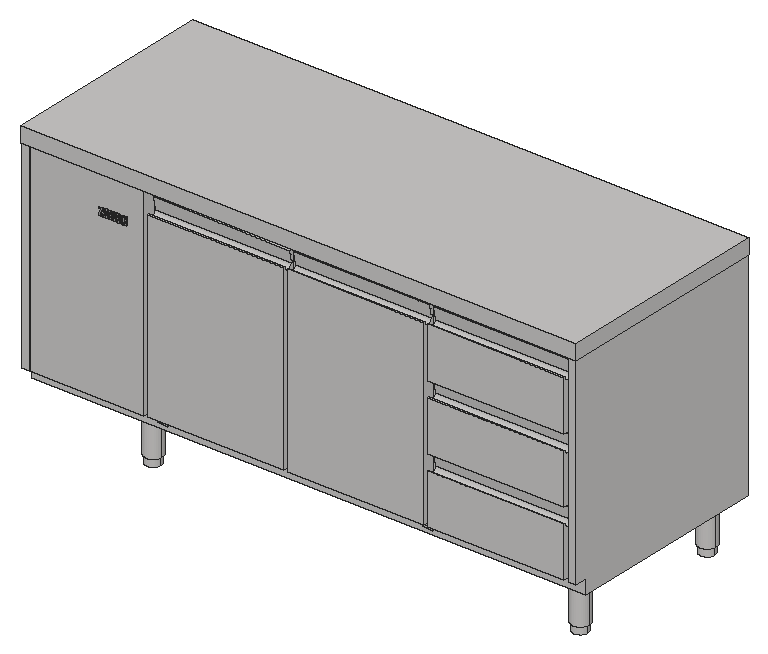
Revit family "QF_ZANUSSI_111043_ZH3HBAAC", category Specialty Equipment, Revit 2018 (continued)
Definition of nested family "ZAN_Cooling Unit"
  Lines and regions (mm)
    Split face 123
      outline origin (55.016, 2, -221.122) x (0, 0, 1) y (-1, 0, 0)
        loop
          arc (510.649, 158.547) -> (506.648, 162.548) -> (502.647, 158.547) r 4.001
          line (502.647, 158.547) -> (502.647, 116.535)
          arc (502.647, 116.535) -> (506.648, 112.533) -> (510.649, 116.535) r 4.001
          line (510.649, 116.535) -> (510.649, 158.547)
    Split face 124
      outline origin (55.016, 2, -233.126) x (0, 0, 1) y (-1, 0, 0)
        loop
          arc (510.649, 158.547) -> (506.648, 162.548) -> (502.647, 158.547) r 4.001
          line (502.647, 158.547) -> (502.647, 116.535)
          arc (502.647, 116.535) -> (506.648, 112.533) -> (510.649, 116.535) r 4.001
          line (510.649, 116.535) -> (510.649, 158.547)
    Split face 125
      outline origin (55.016, 2, -245.129) x (0, 0, 1) y (-1, 0, 0)
        loop
          arc (510.649, 158.547) -> (506.648, 162.548) -> (502.647, 158.547) r 4.001
          line (502.647, 158.547) -> (502.647, 116.535)
          arc (502.647, 116.535) -> (506.648, 112.533) -> (510.649, 116.535) r 4.001
          line (510.649, 116.535) -> (510.649, 158.547)
    Split face 126
      outline origin (55.016, 2, -257.133) x (0, 0, 1) y (-1, 0, 0)
        loop
          arc (510.649, 158.547) -> (506.648, 162.548) -> (502.647, 158.547) r 4.001
          line (502.647, 158.547) -> (502.647, 116.535)
          arc (502.647, 116.535) -> (506.648, 112.533) -> (510.649, 116.535) r 4.001
          line (510.649, 116.535) -> (510.649, 158.547)
    Split face 127
      outline origin (55.016, 2, -269.136) x (0, 0, 1) y (-1, 0, 0)
        loop
          arc (510.649, 158.547) -> (506.648, 162.548) -> (502.647, 158.547) r 4.001
          line (502.647, 158.547) -> (502.647, 116.535)
          arc (502.647, 116.535) -> (506.648, 112.533) -> (510.649, 116.535) r 4.001
          line (510.649, 116.535) -> (510.649, 158.547)
    Split face 128
      outline origin (55.016, 2, -281.14) x (0, 0, 1) y (-1, 0, 0)
        loop
          arc (510.649, 158.547) -> (506.648, 162.548) -> (502.647, 158.547) r 4.001
          line (502.647, 158.547) -> (502.647, 116.535)
          arc (502.647, 116.535) -> (506.648, 112.533) -> (510.649, 116.535) r 4.001
          line (510.649, 116.535) -> (510.649, 158.547)
    Split face 129
      outline origin (55.016, 2, -293.144) x (0, 0, 1) y (-1, 0, 0)
        loop
          arc (510.649, 158.547) -> (506.648, 162.548) -> (502.647, 158.547) r 4.001
          line (502.647, 158.547) -> (502.647, 116.535)
          arc (502.647, 116.535) -> (506.648, 112.533) -> (510.649, 116.535) r 4.001
          line (510.649, 116.535) -> (510.649, 158.547)
    Split face 130
      outline origin (110.032, 2, -113.091) x (0, 0, 1) y (-1, 0, 0)
        loop
          arc (510.649, 158.547) -> (506.648, 162.548) -> (502.647, 158.547) r 4.001
          line (502.647, 158.547) -> (502.647, 116.535)
          arc (502.647, 116.535) -> (506.648, 112.533) -> (510.649, 116.535) r 4.001
          line (510.649, 116.535) -> (510.649, 158.547)
    Split face 131
      outline origin (110.032, 2, -125.094) x (0, 0, 1) y (-1, 0, 0)
        loop
          arc (510.649, 158.547) -> (506.648, 162.548) -> (502.647, 158.547) r 4.001
          line (502.647, 158.547) -> (502.647, 116.535)
          arc (502.647, 116.535) -> (506.648, 112.533) -> (510.649, 116.535) r 4.001
          line (510.649, 116.535) -> (510.649, 158.547)
    Split face 132
      outline origin (110.032, 2, -137.098) x (0, 0, 1) y (-1, 0, 0)
        loop
          arc (510.649, 158.547) -> (506.648, 162.548) -> (502.647, 158.547) r 4.001
          line (502.647, 158.547) -> (502.647, 116.535)
          arc (502.647, 116.535) -> (506.648, 112.533) -> (510.649, 116.535) r 4.001
          line (510.649, 116.535) -> (510.649, 158.547)
    Split face 133
      outline origin (110.032, 2, -149.101) x (0, 0, 1) y (-1, 0, 0)
        loop
          arc (510.649, 158.547) -> (506.648, 162.548) -> (502.647, 158.547) r 4.001
          line (502.647, 158.547) -> (502.647, 116.535)
          arc (502.647, 116.535) -> (506.648, 112.533) -> (510.649, 116.535) r 4.001
          line (510.649, 116.535) -> (510.649, 158.547)
    Split face 134
      outline origin (110.032, 2, -161.105) x (0, 0, 1) y (-1, 0, 0)
        loop
          arc (510.649, 158.547) -> (506.648, 162.548) -> (502.647, 158.547) r 4.001
          line (502.647, 158.547) -> (502.647, 116.535)
          arc (502.647, 116.535) -> (506.648, 112.533) -> (510.649, 116.535) r 4.001
          line (510.649, 116.535) -> (510.649, 158.547)
    Split face 135
      outline origin (110.032, 2, -173.108) x (0, 0, 1) y (-1, 0, 0)
        loop
          arc (510.649, 158.547) -> (506.648, 162.548) -> (502.647, 158.547) r 4.001
          line (502.647, 158.547) -> (502.647, 116.535)
          arc (502.647, 116.535) -> (506.648, 112.533) -> (510.649, 116.535) r 4.001
          line (510.649, 116.535) -> (510.649, 158.547)
    Split face 136
      outline origin (110.032, 2, -185.112) x (0, 0, 1) y (-1, 0, 0)
        loop
          arc (510.649, 158.547) -> (506.648, 162.548) -> (502.647, 158.547) r 4.001
          line (502.647, 158.547) -> (502.647, 116.535)
          arc (502.647, 116.535) -> (506.648, 112.533) -> (510.649, 116.535) r 4.001
          line (510.649, 116.535) -> (510.649, 158.547)
    Split face 137
      outline origin (110.032, 2, -197.115) x (0, 0, 1) y (-1, 0, 0)
        loop
          arc (510.649, 158.547) -> (506.648, 162.548) -> (502.647, 158.547) r 4.001
          line (502.647, 158.547) -> (502.647, 116.535)
          arc (502.647, 116.535) -> (506.648, 112.533) -> (510.649, 116.535) r 4.001
          line (510.649, 116.535) -> (510.649, 158.547)
    Split face 138
      outline origin (110.032, 2, -209.119) x (0, 0, 1) y (-1, 0, 0)
        loop
          arc (510.649, 158.547) -> (506.648, 162.548) -> (502.647, 158.547) r 4.001
          line (502.647, 158.547) -> (502.647, 116.535)
          arc (502.647, 116.535) -> (506.648, 112.533) -> (510.649, 116.535) r 4.001
          line (510.649, 116.535) -> (510.649, 158.547)
    Split face 139
      outline origin (110.032, 2, -221.122) x (0, 0, 1) y (-1, 0, 0)
        loop
          arc (510.649, 158.547) -> (506.648, 162.548) -> (502.647, 158.547) r 4.001
          line (502.647, 158.547) -> (502.647, 116.535)
          arc (502.647, 116.535) -> (506.648, 112.533) -> (510.649, 116.535) r 4.001
          line (510.649, 116.535) -> (510.649, 158.547)
    Split face 140
      outline origin (110.032, 2, -233.126) x (0, 0, 1) y (-1, 0, 0)
        loop
          arc (510.649, 158.547) -> (506.648, 162.548) -> (502.647, 158.547) r 4.001
          line (502.647, 158.547) -> (502.647, 116.535)
          arc (502.647, 116.535) -> (506.648, 112.533) -> (510.649, 116.535) r 4.001
          line (510.649, 116.535) -> (510.649, 158.547)
    Split face 141
      outline origin (110.032, 2, -245.129) x (0, 0, 1) y (-1, 0, 0)
        loop
          arc (510.649, 158.547) -> (506.648, 162.548) -> (502.647, 158.547) r 4.001
          line (502.647, 158.547) -> (502.647, 116.535)
          arc (502.647, 116.535) -> (506.648, 112.533) -> (510.649, 116.535) r 4.001
          line (510.649, 116.535) -> (510.649, 158.547)
    Split face 142
      outline origin (110.032, 2, -257.133) x (0, 0, 1) y (-1, 0, 0)
        loop
          arc (510.649, 158.547) -> (506.648, 162.548) -> (502.647, 158.547) r 4.001
          line (502.647, 158.547) -> (502.647, 116.535)
          arc (502.647, 116.535) -> (506.648, 112.533) -> (510.649, 116.535) r 4.001
          line (510.649, 116.535) -> (510.649, 158.547)
    Split face 143
      outline origin (110.032, 2, -269.136) x (0, 0, 1) y (-1, 0, 0)
        loop
          arc (510.649, 158.547) -> (506.648, 162.548) -> (502.647, 158.547) r 4.001
          line (502.647, 158.547) -> (502.647, 116.535)
          arc (502.647, 116.535) -> (506.648, 112.533) -> (510.649, 116.535) r 4.001
          line (510.649, 116.535) -> (510.649, 158.547)
    Split face 144
      outline origin (110.032, 2, -281.14) x (0, 0, 1) y (-1, 0, 0)
        loop
          arc (510.649, 158.547) -> (506.648, 162.548) -> (502.647, 158.547) r 4.001
          line (502.647, 158.547) -> (502.647, 116.535)
          arc (502.647, 116.535) -> (506.648, 112.533) -> (510.649, 116.535) r 4.001
          line (510.649, 116.535) -> (510.649, 158.547)
    Split face 145
      outline origin (110.032, 2, -293.144) x (0, 0, 1) y (-1, 0, 0)
        loop
          arc (510.649, 158.547) -> (506.648, 162.548) -> (502.647, 158.547) r 4.001
          line (502.647, 158.547) -> (502.647, 116.535)
          arc (502.647, 116.535) -> (506.648, 112.533) -> (510.649, 116.535) r 4.001
          line (510.649, 116.535) -> (510.649, 158.547)
    Split face 146
      outline origin (165.048, 2, -113.091) x (0, 0, 1) y (-1, 0, 0)
        loop
          arc (510.649, 158.547) -> (506.648, 162.548) -> (502.647, 158.547) r 4.001
          line (502.647, 158.547) -> (502.647, 116.535)
          arc (502.647, 116.535) -> (506.648, 112.533) -> (510.649, 116.535) r 4.001
          line (510.649, 116.535) -> (510.649, 158.547)
    Split face 147
      outline origin (165.048, 2, -125.094) x (0, 0, 1) y (-1, 0, 0)
        loop
          arc (510.649, 158.547) -> (506.648, 162.548) -> (502.647, 158.547) r 4.001
          line (502.647, 158.547) -> (502.647, 116.535)
          arc (502.647, 116.535) -> (506.648, 112.533) -> (510.649, 116.535) r 4.001
          line (510.649, 116.535) -> (510.649, 158.547)
    Split face 148
      outline origin (165.048, 2, -137.098) x (0, 0, 1) y (-1, 0, 0)
        loop
          arc (510.649, 158.547) -> (506.648, 162.548) -> (502.647, 158.547) r 4.001
          line (502.647, 158.547) -> (502.647, 116.535)
          arc (502.647, 116.535) -> (506.648, 112.533) -> (510.649, 116.535) r 4.001
          line (510.649, 116.535) -> (510.649, 158.547)
    Split face 149
      outline origin (165.048, 2, -149.101) x (0, 0, 1) y (-1, 0, 0)
        loop
          arc (510.649, 158.547) -> (506.648, 162.548) -> (502.647, 158.547) r 4.001
          line (502.647, 158.547) -> (502.647, 116.535)
          arc (502.647, 116.535) -> (506.648, 112.533) -> (510.649, 116.535) r 4.001
          line (510.649, 116.535) -> (510.649, 158.547)
    Split face 150
      outline origin (165.048, 2, -161.105) x (0, 0, 1) y (-1, 0, 0)
        loop
          arc (510.649, 158.547) -> (506.648, 162.548) -> (502.647, 158.547) r 4.001
          line (502.647, 158.547) -> (502.647, 116.535)
          arc (502.647, 116.535) -> (506.648, 112.533) -> (510.649, 116.535) r 4.001
          line (510.649, 116.535) -> (510.649, 158.547)
    Split face 151
      outline origin (165.048, 2, -173.108) x (0, 0, 1) y (-1, 0, 0)
        loop
          arc (510.649, 158.547) -> (506.648, 162.548) -> (502.647, 158.547) r 4.001
          line (502.647, 158.547) -> (502.647, 116.535)
          arc (502.647, 116.535) -> (506.648, 112.533) -> (510.649, 116.535) r 4.001
          line (510.649, 116.535) -> (510.649, 158.547)
    Split face 152
      outline origin (165.048, 2, -185.112) x (0, 0, 1) y (-1, 0, 0)
        loop
          arc (510.649, 158.547) -> (506.648, 162.548) -> (502.647, 158.547) r 4.001
          line (502.647, 158.547) -> (502.647, 116.535)
          arc (502.647, 116.535) -> (506.648, 112.533) -> (510.649, 116.535) r 4.001
          line (510.649, 116.535) -> (510.649, 158.547)
    Split face 153
      outline origin (165.048, 2, -197.115) x (0, 0, 1) y (-1, 0, 0)
        loop
          arc (510.649, 158.547) -> (506.648, 162.548) -> (502.647, 158.547) r 4.001
          line (502.647, 158.547) -> (502.647, 116.535)
          arc (502.647, 116.535) -> (506.648, 112.533) -> (510.649, 116.535) r 4.001
          line (510.649, 116.535) -> (510.649, 158.547)
    Split face 154
      outline origin (165.048, 2, -209.119) x (0, 0, 1) y (-1, 0, 0)
        loop
          arc (510.649, 158.547) -> (506.648, 162.548) -> (502.647, 158.547) r 4.001
          line (502.647, 158.547) -> (502.647, 116.535)
          arc (502.647, 116.535) -> (506.648, 112.533) -> (510.649, 116.535) r 4.001
          line (510.649, 116.535) -> (510.649, 158.547)
    Split face 155
      outline origin (165.048, 2, -221.122) x (0, 0, 1) y (-1, 0, 0)
        loop
          arc (510.649, 158.547) -> (506.648, 162.548) -> (502.647, 158.547) r 4.001
          line (502.647, 158.547) -> (502.647, 116.535)
          arc (502.647, 116.535) -> (506.648, 112.533) -> (510.649, 116.535) r 4.001
          line (510.649, 116.535) -> (510.649, 158.547)
    Split face 156
      outline origin (165.048, 2, -233.126) x (0, 0, 1) y (-1, 0, 0)
        loop
          arc (510.649, 158.547) -> (506.648, 162.548) -> (502.647, 158.547) r 4.001
          line (502.647, 158.547) -> (502.647, 116.535)
          arc (502.647, 116.535) -> (506.648, 112.533) -> (510.649, 116.535) r 4.001
          line (510.649, 116.535) -> (510.649, 158.547)
    Split face 157
      outline origin (165.048, 2, -245.129) x (0, 0, 1) y (-1, 0, 0)
        loop
          arc (510.649, 158.547) -> (506.648, 162.548) -> (502.647, 158.547) r 4.001
          line (502.647, 158.547) -> (502.647, 116.535)
          arc (502.647, 116.535) -> (506.648, 112.533) -> (510.649, 116.535) r 4.001
          line (510.649, 116.535) -> (510.649, 158.547)
    Split face 158
      outline origin (165.048, 2, -257.133) x (0, 0, 1) y (-1, 0, 0)
        loop
          arc (510.649, 158.547) -> (506.648, 162.548) -> (502.647, 158.547) r 4.001
          line (502.647, 158.547) -> (502.647, 116.535)
          arc (502.647, 116.535) -> (506.648, 112.533) -> (510.649, 116.535) r 4.001
          line (510.649, 116.535) -> (510.649, 158.547)
    Split face 159
      outline origin (165.048, 2, -269.136) x (0, 0, 1) y (-1, 0, 0)
        loop
          arc (510.649, 158.547) -> (506.648, 162.548) -> (502.647, 158.547) r 4.001
          line (502.647, 158.547) -> (502.647, 116.535)
          arc (502.647, 116.535) -> (506.648, 112.533) -> (510.649, 116.535) r 4.001
          line (510.649, 116.535) -> (510.649, 158.547)
    Split face 160
      outline origin (165.048, 2, -281.14) x (0, 0, 1) y (-1, 0, 0)
        loop
          arc (510.649, 158.547) -> (506.648, 162.548) -> (502.647, 158.547) r 4.001
          line (502.647, 158.547) -> (502.647, 116.535)
          arc (502.647, 116.535) -> (506.648, 112.533) -> (510.649, 116.535) r 4.001
          line (510.649, 116.535) -> (510.649, 158.547)
    Split face 161
      outline origin (165.048, 2, -293.144) x (0, 0, 1) y (-1, 0, 0)
        loop
          arc (510.649, 158.547) -> (506.648, 162.548) -> (502.647, 158.547) r 4.001
          line (502.647, 158.547) -> (502.647, 116.535)
          arc (502.647, 116.535) -> (506.648, 112.533) -> (510.649, 116.535) r 4.001
          line (510.649, 116.535) -> (510.649, 158.547)
    Split face 162
      outline origin (220.064, 2, -113.091) x (0, 0, 1) y (-1, 0, 0)
        loop
          arc (510.649, 158.547) -> (506.648, 162.548) -> (502.647, 158.547) r 4.001
          line (502.647, 158.547) -> (502.647, 116.535)
          arc (502.647, 116.535) -> (506.648, 112.533) -> (510.649, 116.535) r 4.001
          line (510.649, 116.535) -> (510.649, 158.547)
    Split face 163
      outline origin (220.064, 2, -125.094) x (0, 0, 1) y (-1, 0, 0)
        loop
          arc (510.649, 158.547) -> (506.648, 162.548) -> (502.647, 158.547) r 4.001
          line (502.647, 158.547) -> (502.647, 116.535)
          arc (502.647, 116.535) -> (506.648, 112.533) -> (510.649, 116.535) r 4.001
          line (510.649, 116.535) -> (510.649, 158.547)
    Split face 164
      outline origin (220.064, 2, -137.098) x (0, 0, 1) y (-1, 0, 0)
        loop
          arc (510.649, 158.547) -> (506.648, 162.548) -> (502.647, 158.547) r 4.001
          line (502.647, 158.547) -> (502.647, 116.535)
          arc (502.647, 116.535) -> (506.648, 112.533) -> (510.649, 116.535) r 4.001
          line (510.649, 116.535) -> (510.649, 158.547)
    Split face 165
      outline origin (220.064, 2, -149.101) x (0, 0, 1) y (-1, 0, 0)
        loop
          arc (510.649, 158.547) -> (506.648, 162.548) -> (502.647, 158.547) r 4.001
          line (502.647, 158.547) -> (502.647, 116.535)
          arc (502.647, 116.535) -> (506.648, 112.533) -> (510.649, 116.535) r 4.001
          line (510.649, 116.535) -> (510.649, 158.547)
    Split face 166
      outline origin (220.064, 2, -161.105) x (0, 0, 1) y (-1, 0, 0)
        loop
          arc (510.649, 158.547) -> (506.648, 162.548) -> (502.647, 158.547) r 4.001
          line (502.647, 158.547) -> (502.647, 116.535)
          arc (502.647, 116.535) -> (506.648, 112.533) -> (510.649, 116.535) r 4.001
          line (510.649, 116.535) -> (510.649, 158.547)
    Split face 167
      outline origin (220.064, 2, -173.108) x (0, 0, 1) y (-1, 0, 0)
        loop
          arc (510.649, 158.547) -> (506.648, 162.548) -> (502.647, 158.547) r 4.001
          line (502.647, 158.547) -> (502.647, 116.535)
          arc (502.647, 116.535) -> (506.648, 112.533) -> (510.649, 116.535) r 4.001
          line (510.649, 116.535) -> (510.649, 158.547)
    Split face 168
      outline origin (220.064, 2, -185.112) x (0, 0, 1) y (-1, 0, 0)
        loop
          arc (510.649, 158.547) -> (506.648, 162.548) -> (502.647, 158.547) r 4.001
          line (502.647, 158.547) -> (502.647, 116.535)
          arc (502.647, 116.535) -> (506.648, 112.533) -> (510.649, 116.535) r 4.001
          line (510.649, 116.535) -> (510.649, 158.547)
    Split face 169
      outline origin (220.064, 2, -197.115) x (0, 0, 1) y (-1, 0, 0)
        loop
          arc (510.649, 158.547) -> (506.648, 162.548) -> (502.647, 158.547) r 4.001
          line (502.647, 158.547) -> (502.647, 116.535)
          arc (502.647, 116.535) -> (506.648, 112.533) -> (510.649, 116.535) r 4.001
          line (510.649, 116.535) -> (510.649, 158.547)
    Split face 170
      outline origin (220.064, 2, -209.119) x (0, 0, 1) y (-1, 0, 0)
        loop
          arc (510.649, 158.547) -> (506.648, 162.548) -> (502.647, 158.547) r 4.001
          line (502.647, 158.547) -> (502.647, 116.535)
          arc (502.647, 116.535) -> (506.648, 112.533) -> (510.649, 116.535) r 4.001
          line (510.649, 116.535) -> (510.649, 158.547)
    Split face 171
      outline origin (220.064, 2, -221.122) x (0, 0, 1) y (-1, 0, 0)
        loop
          arc (510.649, 158.547) -> (506.648, 162.548) -> (502.647, 158.547) r 4.001
          line (502.647, 158.547) -> (502.647, 116.535)
          arc (502.647, 116.535) -> (506.648, 112.533) -> (510.649, 116.535) r 4.001
          line (510.649, 116.535) -> (510.649, 158.547)
    Split face 172
      outline origin (220.064, 2, -233.126) x (0, 0, 1) y (-1, 0, 0)
        loop
          arc (510.649, 158.547) -> (506.648, 162.548) -> (502.647, 158.547) r 4.001
          line (502.647, 158.547) -> (502.647, 116.535)
          arc (502.647, 116.535) -> (506.648, 112.533) -> (510.649, 116.535) r 4.001
          line (510.649, 116.535) -> (510.649, 158.547)
    Split face 173
      outline origin (220.064, 2, -245.129) x (0, 0, 1) y (-1, 0, 0)
        loop
          arc (510.649, 158.547) -> (506.648, 162.548) -> (502.647, 158.547) r 4.001
          line (502.647, 158.547) -> (502.647, 116.535)
          arc (502.647, 116.535) -> (506.648, 112.533) -> (510.649, 116.535) r 4.001
          line (510.649, 116.535) -> (510.649, 158.547)
    Split face 174
      outline origin (220.064, 2, -257.133) x (0, 0, 1) y (-1, 0, 0)
        loop
          arc (510.649, 158.547) -> (506.648, 162.548) -> (502.647, 158.547) r 4.001
          line (502.647, 158.547) -> (502.647, 116.535)
          arc (502.647, 116.535) -> (506.648, 112.533) -> (510.649, 116.535) r 4.001
          line (510.649, 116.535) -> (510.649, 158.547)
    Split face 175
      outline origin (220.064, 2, -269.136) x (0, 0, 1) y (-1, 0, 0)
        loop
          arc (510.649, 158.547) -> (506.648, 162.548) -> (502.647, 158.547) r 4.001
          line (502.647, 158.547) -> (502.647, 116.535)
          arc (502.647, 116.535) -> (506.648, 112.533) -> (510.649, 116.535) r 4.001
          line (510.649, 116.535) -> (510.649, 158.547)
    Split face 176
      outline origin (220.064, 2, -281.14) x (0, 0, 1) y (-1, 0, 0)
        loop
          arc (510.649, 158.547) -> (506.648, 162.548) -> (502.647, 158.547) r 4.001
          line (502.647, 158.547) -> (502.647, 116.535)
          arc (502.647, 116.535) -> (506.648, 112.533) -> (510.649, 116.535) r 4.001
          line (510.649, 116.535) -> (510.649, 158.547)
    Split face 177
      outline origin (220.064, 2, -293.144) x (0, 0, 1) y (-1, 0, 0)
        loop
          arc (510.649, 158.547) -> (506.648, 162.548) -> (502.647, 158.547) r 4.001
          line (502.647, 158.547) -> (502.647, 116.535)
          arc (502.647, 116.535) -> (506.648, 112.533) -> (510.649, 116.535) r 4.001
          line (510.649, 116.535) -> (510.649, 158.547)
    Split face 178
      outline origin (275.081, 2, -113.091) x (0, 0, 1) y (-1, 0, 0)
        loop
          arc (510.649, 158.547) -> (506.648, 162.548) -> (502.647, 158.547) r 4.001
          line (502.647, 158.547) -> (502.647, 116.535)
          arc (502.647, 116.535) -> (506.648, 112.533) -> (510.649, 116.535) r 4.001
          line (510.649, 116.535) -> (510.649, 158.547)
    Split face 179
      outline origin (275.081, 2, -125.094) x (0, 0, 1) y (-1, 0, 0)
        loop
          arc (510.649, 158.547) -> (506.648, 162.548) -> (502.647, 158.547) r 4.001
          line (502.647, 158.547) -> (502.647, 116.535)
          arc (502.647, 116.535) -> (506.648, 112.533) -> (510.649, 116.535) r 4.001
          line (510.649, 116.535) -> (510.649, 158.547)
    Split face 180
      outline origin (275.081, 2, -137.098) x (0, 0, 1) y (-1, 0, 0)
        loop
          arc (510.649, 158.547) -> (506.648, 162.548) -> (502.647, 158.547) r 4.001
          line (502.647, 158.547) -> (502.647, 116.535)
          arc (502.647, 116.535) -> (506.648, 112.533) -> (510.649, 116.535) r 4.001
          line (510.649, 116.535) -> (510.649, 158.547)
    Split face 181
      outline origin (275.081, 2, -149.101) x (0, 0, 1) y (-1, 0, 0)
        loop
          arc (510.649, 158.547) -> (506.648, 162.548) -> (502.647, 158.547) r 4.001
          line (502.647, 158.547) -> (502.647, 116.535)
          arc (502.647, 116.535) -> (506.648, 112.533) -> (510.649, 116.535) r 4.001
          line (510.649, 116.535) -> (510.649, 158.547)
    Split face 182
      outline origin (275.081, 2, -161.105) x (0, 0, 1) y (-1, 0, 0)
        loop
          arc (510.649, 158.547) -> (506.648, 162.548) -> (502.647, 158.547) r 4.001
          line (502.647, 158.547) -> (502.647, 116.535)
          arc (502.647, 116.535) -> (506.648, 112.533) -> (510.649, 116.535) r 4.001
          line (510.649, 116.535) -> (510.649, 158.547)
    Split face 183
      outline origin (275.081, 2, -173.108) x (0, 0, 1) y (-1, 0, 0)
        loop
          arc (510.649, 158.547) -> (506.648, 162.548) -> (502.647, 158.547) r 4.001
          line (502.647, 158.547) -> (502.647, 116.535)
          arc (502.647, 116.535) -> (506.648, 112.533) -> (510.649, 116.535) r 4.001
          line (510.649, 116.535) -> (510.649, 158.547)
    Split face 184
      outline origin (275.081, 2, -185.112) x (0, 0, 1) y (-1, 0, 0)
        loop
          arc (510.649, 158.547) -> (506.648, 162.548) -> (502.647, 158.547) r 4.001
          line (502.647, 158.547) -> (502.647, 116.535)
          arc (502.647, 116.535) -> (506.648, 112.533) -> (510.649, 116.535) r 4.001
          line (510.649, 116.535) -> (510.649, 158.547)
    Split face 185
      outline origin (275.081, 2, -197.115) x (0, 0, 1) y (-1, 0, 0)
        loop
          arc (510.649, 158.547) -> (506.648, 162.548) -> (502.647, 158.547) r 4.001
          line (502.647, 158.547) -> (502.647, 116.535)
          arc (502.647, 116.535) -> (506.648, 112.533) -> (510.649, 116.535) r 4.001
          line (510.649, 116.535) -> (510.649, 158.547)
    Split face 186
      outline origin (275.081, 2, -209.119) x (0, 0, 1) y (-1, 0, 0)
        loop
          arc (510.649, 158.547) -> (506.648, 162.548) -> (502.647, 158.547) r 4.001
          line (502.647, 158.547) -> (502.647, 116.535)
          arc (502.647, 116.535) -> (506.648, 112.533) -> (510.649, 116.535) r 4.001
          line (510.649, 116.535) -> (510.649, 158.547)
    Split face 187
      outline origin (275.081, 2, -221.122) x (0, 0, 1) y (-1, 0, 0)
        loop
          arc (510.649, 158.547) -> (506.648, 162.548) -> (502.647, 158.547) r 4.001
          line (502.647, 158.547) -> (502.647, 116.535)
          arc (502.647, 116.535) -> (506.648, 112.533) -> (510.649, 116.535) r 4.001
          line (510.649, 116.535) -> (510.649, 158.547)
    Split face 188
      outline origin (275.081, 2, -233.126) x (0, 0, 1) y (-1, 0, 0)
        loop
          arc (510.649, 158.547) -> (506.648, 162.548) -> (502.647, 158.547) r 4.001
          line (502.647, 158.547) -> (502.647, 116.535)
          arc (502.647, 116.535) -> (506.648, 112.533) -> (510.649, 116.535) r 4.001
          line (510.649, 116.535) -> (510.649, 158.547)
    Split face 189
      outline origin (275.081, 2, -245.129) x (0, 0, 1) y (-1, 0, 0)
        loop
          arc (510.649, 158.547) -> (506.648, 162.548) -> (502.647, 158.547) r 4.001
          line (502.647, 158.547) -> (502.647, 116.535)
          arc (502.647, 116.535) -> (506.648, 112.533) -> (510.649, 116.535) r 4.001
          line (510.649, 116.535) -> (510.649, 158.547)
    Split face 190
      outline origin (275.081, 2, -257.133) x (0, 0, 1) y (-1, 0, 0)
        loop
          arc (510.649, 158.547) -> (506.648, 162.548) -> (502.647, 158.547) r 4.001
          line (502.647, 158.547) -> (502.647, 116.535)
          arc (502.647, 116.535) -> (506.648, 112.533) -> (510.649, 116.535) r 4.001
          line (510.649, 116.535) -> (510.649, 158.547)
    Split face 191
      outline origin (275.081, 2, -269.136) x (0, 0, 1) y (-1, 0, 0)
        loop
          arc (510.649, 158.547) -> (506.648, 162.548) -> (502.647, 158.547) r 4.001
          line (502.647, 158.547) -> (502.647, 116.535)
          arc (502.647, 116.535) -> (506.648, 112.533) -> (510.649, 116.535) r 4.001
          line (510.649, 116.535) -> (510.649, 158.547)
    Split face 192
      outline origin (275.081, 2, -281.14) x (0, 0, 1) y (-1, 0, 0)
        loop
          arc (510.649, 158.547) -> (506.648, 162.548) -> (502.647, 158.547) r 4.001
          line (502.647, 158.547) -> (502.647, 116.535)
          arc (502.647, 116.535) -> (506.648, 112.533) -> (510.649, 116.535) r 4.001
          line (510.649, 116.535) -> (510.649, 158.547)
    Split face 193
      outline origin (275.081, 2, -293.144) x (0, 0, 1) y (-1, 0, 0)
        loop
          arc (510.649, 158.547) -> (506.648, 162.548) -> (502.647, 158.547) r 4.001
          line (502.647, 158.547) -> (502.647, 116.535)
          arc (502.647, 116.535) -> (506.648, 112.533) -> (510.649, 116.535) r 4.001
          line (510.649, 116.535) -> (510.649, 158.547)
    Split face 194
      outline origin (0, 2, 197) x (0, 0, 1) y (-1, 0, 0)
        loop
          spline (566.835, 20.381) -> (564.628, 19.058) -> (561.987, 18.027) -> (558.955, 17.386) -> (555.581, 17.244) -> (551.912, 17.703) -> (547.993, 18.863) -> (543.871, 20.83) -> (539.591, 23.706) -> (535.202, 27.594) -> (530.748, 32.597) -> (526.28, 38.824) -> (521.835, 46.362)
        loop
          spline (521.835, 58.392) -> (525.386, 49.242) -> (529.197, 41.481) -> (533.2, 35.023) -> (537.329, 29.786) -> (541.516, 25.684) -> (545.695, 22.634) -> (549.798, 20.552) -> (553.759, 19.355) -> (557.511, 18.958) -> (560.984, 19.275) -> (564.115, 20.227) -> (566.835, 21.726)
    Split face 195
      outline origin (0, 2, 197) x (0, 0, 1) y (-1, 0, 0)
        loop
          line (555.835, 149.5) -> (532.835, 149.5) -> (532.835, 94.5) -> (555.835, 94.5) -> (555.835, 149.5)
  Dimensions and locks
    aligned and locked: level to plane 2
  Nested families
    nested 1: "ZAN_Logo_S_Grey" at (85, 2, 741.213) x (1, 0, 0) z (0, -1, 0), visible <- "Show Logo", type "ZAN_Logo_S_Grey"
  Definition of nested family "ZAN_Logo_S_Grey"
    Parameters
      Default Elevation = 0 mm
    Reference planes
      plane 1 "Centro (Fronte/Retro)": y = 0
      plane 2: z = 0
      plane 3 "Centro (Sinistra/Destra)": x = 0
    Forms (mm)
      Extrusion 1, solid
        sketch origin (0, 0, 0) x (1, 0, 0) y (0, 1, 0)
          loop
            line (-1219.2, 1219.2) -> (-1219.2, -1219.2) -> (1219.2, -1219.2) -> (1219.2, 1219.2) -> (-1219.2, 1219.2)
        from 0 to -304.8
      Extrusion 2, solid
        sketch origin (17.793, -46.218, 0) x (-1, 0, 0) y (0, -1, 0)
          loop
            spline (-4.176, -58.079) -> (-3.496, -58.328) -> (-2.793, -58.512) -> (-2.075, -58.63) -> (-1.348, -58.682) -> (-0.619, -58.669) -> (0.106, -58.588) -> (0.818, -58.44) -> (1.512, -58.225) -> (2.18, -57.941) -> (2.817, -57.589) -> (3.414, -57.167) -> (3.966, -56.676)
            spline (3.966, -56.676) -> (4.293, -56.162) -> (4.575, -55.61) -> (4.81, -55.026) -> (5, -54.419) -> (5.146, -53.797) -> (5.247, -53.166) -> (5.304, -52.536) -> (5.318, -51.913) -> (5.288, -51.306) -> (5.217, -50.723) -> (5.103, -50.17) -> (4.949, -49.657)
            line (4.949, -49.657) -> (2.702, -46.428) -> (0.316, -44.323)
            spline (0.316, -44.323) -> (0.065, -44.115) -> (-0.195, -43.909) -> (-0.46, -43.704) -> (-0.729, -43.496) -> (-0.997, -43.282) -> (-1.263, -43.059) -> (-1.523, -42.825) -> (-1.774, -42.576) -> (-2.013, -42.309) -> (-2.238, -42.022) -> (-2.445, -41.712) -> (-2.632, -41.375)
            spline (-2.632, -41.375) -> (-2.666, -41.159) -> (-2.697, -40.934) -> (-2.722, -40.701) -> (-2.736, -40.465) -> (-2.736, -40.227) -> (-2.72, -39.989) -> (-2.682, -39.754) -> (-2.621, -39.524) -> (-2.533, -39.302) -> (-2.414, -39.091) -> (-2.261, -38.892) -> (-2.07, -38.708)
            line (-2.07, -38.708) -> (-0.245, -38.567)
            spline (-0.245, -38.567) -> (0.096, -38.8) -> (0.354, -39.074) -> (0.54, -39.381) -> (0.664, -39.716) -> (0.738, -40.073) -> (0.772, -40.445) -> (0.777, -40.825) -> (0.763, -41.208) -> (0.742, -41.588) -> (0.723, -41.957) -> (0.718, -42.309) -> (0.737, -42.638)
            line (0.737, -42.638) -> (5.65, -42.638)
            spline (5.65, -42.638) -> (5.708, -42.042) -> (5.741, -41.448) -> (5.747, -40.857) -> (5.723, -40.273) -> (5.668, -39.696) -> (5.58, -39.129) -> (5.457, -38.574) -> (5.297, -38.032) -> (5.098, -37.506) -> (4.857, -36.997) -> (4.574, -36.508) -> (4.247, -36.041)
            spline (4.247, -36.041) -> (3.844, -35.675) -> (3.409, -35.35) -> (2.946, -35.065) -> (2.458, -34.819) -> (1.949, -34.612) -> (1.421, -34.444) -> (0.88, -34.314) -> (0.326, -34.221) -> (-0.234, -34.165) -> (-0.8, -34.146) -> (-1.366, -34.163) -> (-1.93, -34.216)
            spline (-1.93, -34.216) -> (-2.526, -34.309) -> (-3.116, -34.448) -> (-3.695, -34.633) -> (-4.259, -34.861) -> (-4.801, -35.131) -> (-5.316, -35.444) -> (-5.799, -35.798) -> (-6.245, -36.191) -> (-6.648, -36.624) -> (-7.002, -37.095) -> (-7.303, -37.603) -> (-7.545, -38.146)
            spline (-7.545, -38.146) -> (-7.694, -38.815) -> (-7.792, -39.487) -> (-7.839, -40.158) -> (-7.836, -40.824) -> (-7.785, -41.482) -> (-7.685, -42.129) -> (-7.539, -42.762) -> (-7.347, -43.377) -> (-7.111, -43.97) -> (-6.83, -44.538) -> (-6.506, -45.078) -> (-6.141, -45.586)
            line (-6.141, -45.586) -> (-0.526, -50.64) -> (0.176, -51.482)
            spline (0.176, -51.482) -> (0.248, -51.66) -> (0.323, -51.843) -> (0.397, -52.03) -> (0.467, -52.22) -> (0.529, -52.412) -> (0.579, -52.605) -> (0.615, -52.798) -> (0.633, -52.989) -> (0.63, -53.179) -> (0.601, -53.366) -> (0.545, -53.55) -> (0.456, -53.728)
            spline (0.456, -53.728) -> (0.375, -53.892) -> (0.273, -54.034) -> (0.154, -54.155) -> (0.02, -54.258) -> (-0.126, -54.343) -> (-0.28, -54.412) -> (-0.441, -54.466) -> (-0.604, -54.508) -> (-0.767, -54.537) -> (-0.928, -54.556) -> (-1.082, -54.567) -> (-1.228, -54.57)
            line (-1.228, -54.57) -> (-2.632, -53.587) -> (-2.772, -50.64) -> (-7.405, -50.64)
            spline (-7.405, -50.64) -> (-7.41, -51.031) -> (-7.423, -51.432) -> (-7.44, -51.839) -> (-7.456, -52.251) -> (-7.469, -52.665) -> (-7.475, -53.079) -> (-7.468, -53.489) -> (-7.446, -53.894) -> (-7.404, -54.291) -> (-7.339, -54.679) -> (-7.247, -55.053) -> (-7.123, -55.412)
            spline (-7.123, -55.412) -> (-6.999, -55.693) -> (-6.837, -55.97) -> (-6.643, -56.244) -> (-6.422, -56.509) -> (-6.177, -56.765) -> (-5.913, -57.009) -> (-5.634, -57.238) -> (-5.346, -57.45) -> (-5.051, -57.643) -> (-4.755, -57.814) -> (-4.462, -57.96) -> (-4.176, -58.079)
          loop
            spline (-21.021, -55.552) -> (-20.633, -56.181) -> (-20.177, -56.736) -> (-19.661, -57.217) -> (-19.092, -57.627) -> (-18.478, -57.966) -> (-17.827, -58.237) -> (-17.147, -58.441) -> (-16.446, -58.578) -> (-15.73, -58.652) -> (-15.009, -58.662) -> (-14.29, -58.611) -> (-13.581, -58.5)
            spline (-13.581, -58.5) -> (-13.088, -58.407) -> (-12.595, -58.269) -> (-12.109, -58.088) -> (-11.636, -57.866) -> (-11.183, -57.605) -> (-10.756, -57.307) -> (-10.361, -56.974) -> (-10.004, -56.608) -> (-9.692, -56.211) -> (-9.431, -55.784) -> (-9.228, -55.33) -> (-9.089, -54.851)
            spline (-9.089, -54.851) -> (-8.873, -54.211) -> (-8.715, -53.559) -> (-8.615, -52.901) -> (-8.574, -52.241) -> (-8.592, -51.585) -> (-8.668, -50.938) -> (-8.802, -50.306) -> (-8.995, -49.693) -> (-9.247, -49.106) -> (-9.557, -48.55) -> (-9.925, -48.03) -> (-10.352, -47.551)
            line (-10.352, -47.551) -> (-15.546, -42.919) -> (-16.669, -41.234)
            spline (-16.669, -41.234) -> (-16.704, -41.021) -> (-16.735, -40.804) -> (-16.761, -40.583) -> (-16.778, -40.361) -> (-16.784, -40.139) -> (-16.774, -39.919) -> (-16.748, -39.701) -> (-16.7, -39.488) -> (-16.63, -39.28) -> (-16.533, -39.08) -> (-16.406, -38.889) -> (-16.248, -38.708)
            line (-16.248, -38.708) -> (-14.844, -38.427)
            spline (-14.844, -38.427) -> (-14.347, -38.545) -> (-13.969, -38.749) -> (-13.695, -39.028) -> (-13.508, -39.368) -> (-13.393, -39.757) -> (-13.335, -40.182) -> (-13.318, -40.63) -> (-13.326, -41.089) -> (-13.344, -41.546) -> (-13.356, -41.988) -> (-13.347, -42.403) -> (-13.3, -42.779)
            line (-13.3, -42.779) -> (-8.387, -42.638)
            spline (-8.387, -42.638) -> (-8.326, -42.034) -> (-8.288, -41.417) -> (-8.277, -40.794) -> (-8.299, -40.169) -> (-8.357, -39.548) -> (-8.457, -38.936) -> (-8.604, -38.339) -> (-8.803, -37.762) -> (-9.058, -37.21) -> (-9.375, -36.689) -> (-9.758, -36.204) -> (-10.212, -35.76)
            spline (-10.212, -35.76) -> (-10.793, -35.336) -> (-11.409, -34.976) -> (-12.054, -34.679) -> (-12.723, -34.445) -> (-13.409, -34.273) -> (-14.107, -34.163) -> (-14.811, -34.115) -> (-15.515, -34.127) -> (-16.213, -34.2) -> (-16.899, -34.333) -> (-17.568, -34.526) -> (-18.213, -34.777)
            spline (-18.213, -34.777) -> (-18.496, -34.897) -> (-18.783, -35.044) -> (-19.071, -35.216) -> (-19.357, -35.412) -> (-19.639, -35.629) -> (-19.915, -35.865) -> (-20.182, -36.119) -> (-20.438, -36.389) -> (-20.681, -36.672) -> (-20.907, -36.967) -> (-21.115, -37.272) -> (-21.301, -37.585)
            spline (-21.301, -37.585) -> (-21.55, -38.26) -> (-21.734, -38.948) -> (-21.854, -39.647) -> (-21.91, -40.351) -> (-21.901, -41.057) -> (-21.828, -41.761) -> (-21.69, -42.459) -> (-21.489, -43.148) -> (-21.222, -43.823) -> (-20.892, -44.48) -> (-20.497, -45.116) -> (-20.038, -45.726)
            line (-20.038, -45.726) -> (-14.142, -51.061) -> (-13.44, -52.886) -> (-14.002, -54.289) -> (-15.265, -54.57) -> (-16.669, -53.587) -> (-16.81, -50.78) -> (-21.582, -50.64)
            spline (-21.582, -50.64) -> (-21.558, -51.063) -> (-21.55, -51.491) -> (-21.554, -51.92) -> (-21.561, -52.35) -> (-21.567, -52.778) -> (-21.565, -53.201) -> (-21.547, -53.619) -> (-21.509, -54.029) -> (-21.444, -54.43) -> (-21.345, -54.818) -> (-21.206, -55.193) -> (-21.021, -55.552)
          loop
            line (-22.424, -34.216) -> (-27.337, -34.216) -> (-27.337, -58.22) -> (-22.424, -58.22) -> (-22.424, -34.216)
          loop
            line (14.213, -39.971) -> (14.213, -58.22) -> (19.126, -58.22) -> (19.126, -42.077) -> (18.845, -38.146) -> (18.424, -37.164) -> (17.442, -35.9) -> (16.459, -35.199) -> (14.494, -34.356) -> (13.511, -34.216) -> (11.265, -34.216) -> (10.142, -34.497) -> (8.458, -35.479) -> (6.493, -38.287) -> (6.352, -39.269) -> (6.352, -58.22) -> (11.265, -58.22) -> (11.265, -40.392) -> (11.827, -39.129) -> (13.371, -38.988) -> (14.213, -39.971)
          loop
            line (20.249, -58.22) -> (24.741, -58.22) -> (24.741, -42.919) -> (28.812, -58.22) -> (34.006, -58.22) -> (34.006, -34.216) -> (29.654, -34.216) -> (29.654, -50.078) -> (25.583, -34.216) -> (20.249, -34.216) -> (20.249, -58.22)
          loop
            line (50.149, -58.22) -> (62.361, -58.22) -> (62.361, -53.728) -> (55.904, -53.868) -> (62.923, -39.129) -> (62.923, -34.216) -> (50.149, -34.216) -> (50.149, -39.129) -> (57.517, -39.129) -> (50.149, -54.149) -> (50.149, -58.22)
          loop
            line (38.778, -58.22) -> (45.516, -58.22) -> (49.868, -34.216) -> (44.814, -34.216) -> (44.113, -38.848) -> (40.042, -38.848) -> (39.34, -34.216) -> (34.286, -34.216) -> (38.778, -58.22)
          loop
            line (43.551, -43.2) -> (40.744, -43.2) -> (42.147, -54.117) -> (43.551, -43.2)
        from 0 to 1.644
    Dimensions and locks
      aligned and locked: plane 2 to Extrusion 1
      aligned and locked: level to Extrusion 1
Definition of nested family "Refrigerator"
  Reference planes
    plane 1 "Center (Front/Back)": y = 0
    plane 2: z = 0
    plane 3 "Center (Left/Right)": x = 0
  Lines and regions (mm)
    detail lines, in view "Ref. Level"
      curve 1: spline (-500, 190, 0) -> (-493.185, 166.706, 0) -> (-473.205, 145, 0) -> (-441.421, 126.36, 0) -> (-400, 112.058, 0) -> (-351.764, 103.067, 0) -> (-300, 100, 0) -> (-248.236, 103.067, 0) -> (-200, 112.058, 0) -> (-158.579, 126.36, 0) -> (-126.795, 145, 0) -> (-106.815, 166.706, 0) -> (-100, 190, 0) -> (-106.815, 213.294, 0) -> (-126.795, 235, 0) -> (-158.579, 253.64, 0) -> (-200, 267.942, 0) -> (-248.236, 276.933, 0) -> (-300, 280, 0) -> (-351.764, 276.933, 0) -> (-400, 267.942, 0) -> (-441.421, 253.64, 0) -> (-473.205, 235, 0) -> (-493.185, 213.294, 0) -> (-500, 190, 0)
      curve 2: line (-300, 130, 0) -> (-300, 250, 0)
      curve 3: line (-351.962, 220, 0) -> (-248.038, 160, 0)
      curve 4: line (-351.962, 160, 0) -> (-248.038, 220, 0)
      curve 5: line (-280.884, 246.873, 0) -> (-300, 225, 0)
      curve 6: line (-300, 225, 0) -> (-319.116, 246.873, 0)
      curve 7: line (-330.311, 207.5, 0) -> (-339.696, 234.992, 0)
      curve 8: line (-358.812, 201.882, 0) -> (-330.311, 207.5, 0)
      curve 9: line (-330.311, 172.5, 0) -> (-358.812, 178.118, 0)
      curve 10: line (-339.696, 145.008, 0) -> (-330.311, 172.5, 0)
      curve 11: line (-300, 155, 0) -> (-319.116, 133.127, 0)
      curve 12: line (-280.884, 133.127, 0) -> (-300, 155, 0)
      curve 13: line (-269.689, 172.5, 0) -> (-260.304, 145.008, 0)
      curve 14: line (-241.188, 178.118, 0) -> (-269.689, 172.5, 0)
      curve 15: line (-269.689, 207.5, 0) -> (-241.188, 201.882, 0)
      curve 16: line (-260.304, 234.992, 0) -> (-269.689, 207.5, 0)
